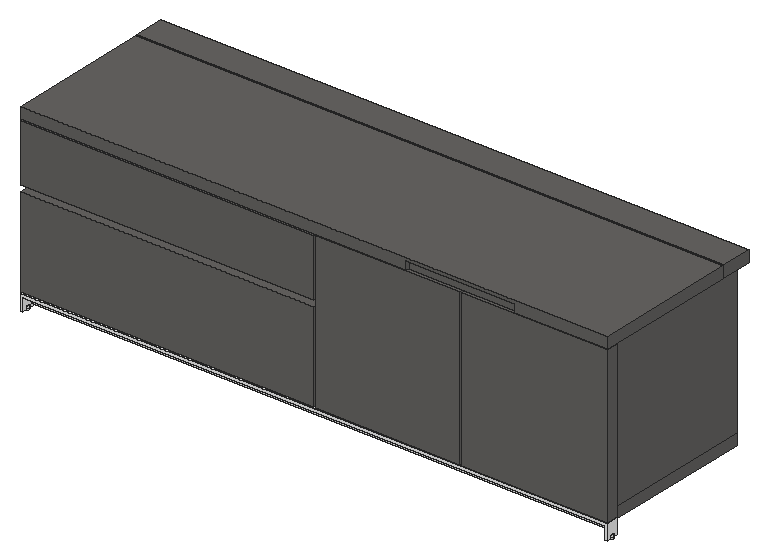
Revit family "Storage-Credenza-Teknion-ZXBF_Low_Box_File-R2011", category Furniture Systems, Revit 2013
Parameters (values of type "(See Type Catalog)")
  Width = 80"
  Warranty = "http://www.teknionstudio.com/pdfs/Teknion%20Studio%20Warranty.pdf"
  Unit Weight = 0.00 lbf
  Unit Finish [instance] = Veneer - Teknion - P7 - Grey Oak
  URL = "www.teknionstudio.com"
  Tabletop Right Length = if(Has Right Door, 40", if(Has Double Right Door, 60", 20"))  # 60"
  Tabletop Left Length = if(Has Left Door, 40", if(Has Double Left Door, 60", 20"))  # 20"
  Tabletop Cutout Offset = if(Has Wire Management, 0", 4")  # 0"
  Single Door Cutout Offset = if(Has Left Door, 0", if(Has Right Door, 0", 4"))  # 4"
  Series = "B&B Italia"
  Right Doors Length = if(Has Right Door, (40" - 1.575"), if(Has Double Right Door, (60" - 1.575"), 18.425"))  # 58.425"
  Product Page URL = "http://www.teknionstudio.com/acexecutive/"
  Product Line = "AC Executive"
  Product Documentation Link = "http://www.teknionstudio.com/pricing/ac_executive_ppg.pdf"
  Part Number = "ZXBF"
  Model = ""
  Manufacturer Phone = "919-464-2920"
  Manufacturer Fax = "919-464-2927"
  Manufacturer Email = "customersupport@teknionstudio.com"
  Manufacturer Address = "3940 US 70 Business HWY West, Clayton, NC 27520"
  Manufacturer = "Teknion Studio"  # constant formula
  Low Emitting Material = yes
  Low Emitting Finish = yes
  Left and Right Reference Planes Offset = if(Has Double Right Door, 0", if(Has Double Left Door, 40", if(Has Right Door, 20", 40")))  # 0"
  Left Doors Length = if(Has Left Door, (40" - 1.575"), if(Has Double Left Door, (60" - 1.575"), 18.425"))  # 18.425"
  Height = 24 123/128"
  Has Left Door = no
  Has Double Left Door = no
  Has Right Door = no
  Has Double Right Door = yes
  Has Wire Management = yes
  Drawers Length = 40"  # constant formula
  Double Door Cutout Offset = if(Has Double Left Door, 0", if(Has Double Right Door, 0", 5"))  # 0"
  Description = ""
  Depth = 24"
  Bottom Rigth Length = if(Has Right Door, 40", if(Has Double Right Door, 60", 20"))  # 60"
  Bottom Left Length = if(Has Left Door, 40", if(Has Double Left Door, 60", 20"))  # 20"
  Assembly Code = "E2020200"
Reference planes (in)
  plane 1 "Center F/B": y = 0
  plane 2: z = 0
  plane 3 "Center L/R": x = 0.5
  plane 4 "Left Aux": x = -17.925
  plane 5 "Right Aux": x = 58.925
  plane 6 "Back": y = 12
  plane 7 "Front": y = -12
  plane 8 "Top": z = 24.96094
  plane 9: x = -16.3502
  plane 10: x = 57.3502
  plane 11: z = 2.1289
  plane 12 "Foot Centerline": y = -11.2126
  plane 13 "Elevation": z = 12.77523
  plane 14: z = 23.42157
  plane 15: x = -19.5
  plane 16: x = 20.5
  plane 17: x = -39.5
  plane 18: x = -59.5
  plane 19: x = 40.5
  plane 20: x = 60.5
  plane 21: x = -19.5
  plane 22: x = 60.5
  plane 23: x = -19.5
  plane 24: x = 60.5
  plane 25: x = -19.5
  plane 26: x = 60.5
  plane 27: y = -16
  plane 28: y = -12
  plane 29: z = 24.96094
  plane 30 "Left": x = -19.5
  plane 31 "Right": x = 60.5
  plane 32: x = 20.5
Forms (in)
  Sweep 1, solid, material "Metal - Teknion - C6 - Chrome"
    path origin (0, -12, 0) x (1, 0, 0) y (0, 0, 1)
      loop
        line (60.5, 0.05803) -> (60.5, 2.1289) -> (-19.5, 2.1289) -> (-19.5, 0.05803)
    profile origin (20.5, -12, 2.1289) x (0, 0, -1) y (0, -1, 0)
      loop
        line (0, 0) -> (0, -1.5748) -> (0.394, -1.5748) -> (0.394, 0) -> (0, 0)
  Sweep 2, solid, material "Metal - Teknion - C6 - Chrome"
    path origin (0, -12, 0) x (1, 0, 0) y (0, 0, 1)
      loop
        line (-19.5, 2.1289) -> (60.5, 2.1289)
    profile origin (20.5, -12, 2.1289) x (0, 0, 1) y (0, -1, 0)
      loop
        line (-0.394, -1.5748) -> (-0.394, -1.3778) -> (-1.575, -1.3778) -> (-1.575, -1.5748) -> (-0.394, -1.5748)
  Revolve 3, solid, material "Metal - Teknion - C6 - Chrome"
    sketch origin (0, -11.2126, 0) x (0, 0, -1) y (1, 0, 0)
      loop
        line (-0.4911, 59.9685) -> (-0.45173, 59.92913) -> (-0.28492, 59.92913) -> (-0.24555, 59.9685) -> (-0.20618, 59.92913) -> (-0.03937, 59.92913) -> (0, 59.9685) -> (0, 60.30315) -> (-0.4911, 60.30315) -> (-0.4911, 59.9685)
      axis (0, 60.30315) -> (-0.4911, 60.30315)
    angle from 0 to 360
  Revolve 4, solid, material "Metal - Teknion - C6 - Chrome"
    sketch origin (0, -11.2126, 0) x (0, 0, -1) y (1, 0, 0)
      loop
        line (0, -19.6378) -> (0, -19.30315) -> (-0.4911, -19.30315) -> (-0.4911, -19.6378) -> (-0.45173, -19.67717) -> (-0.28492, -19.67717) -> (-0.24555, -19.6378) -> (-0.20618, -19.67717) -> (-0.03937, -19.67717) -> (0, -19.6378)
      axis (0, -19.30315) -> (-0.4911, -19.30315)
    angle from 0 to 360
  Sweep 5, solid, material "Veneer - Teknion - P7 - Grey Oak" <- "Unit Finish"
    path origin (0, 0, 15.40683) x (-1, 0, 0) y (0, -1, 0)
      loop
        line (-0.5, -12) -> (-0.5, 12)
    profile origin (0.5, 0, 15.40683) x (1, 0, 0) y (0, 0, 1)
      loop
        line (-20, 9.55411) -> (-20, 8.01474) -> (60, 8.01474) -> (60, 9.55411) -> (-20, 9.55411)
  Sweep 6, solid, material "Veneer - Teknion - P7 - Grey Oak" <- "Unit Finish"
    path origin (0, -12, 0) x (1, 0, 0) y (0, 0, 1)
      loop
        line (-17.925, 2.1289) -> (58.925, 2.1289)
    profile origin (20.5, -12, 2.1289) x (0, 0, 1) y (0, -1, 0)
      loop
        line (0, -1.5748) -> (-1.53937, -1.5748) -> (-1.53937, -24) -> (0, -24) -> (0, -1.5748)
  Sweep 7, solid, material "Veneer - Teknion - P7 - Grey Oak" <- "Unit Finish"
    path origin (0, 0, 15.40683) x (-1, 0, 0) y (0, -1, 0)
      loop
        line (17.925, 0) -> (-58.925, 0)
    profile origin (20.5, 0, 15.40683) x (0, 1, 0) y (0, 0, 1)
      loop
        line (7.61024, 7.62063) -> (7.61024, 8.01474) -> (-10.32283, 8.01474) -> (-10.32283, -13.27793) -> (12, -13.27793) -> (12, 7.62063) -> (7.61024, 7.62063)
  Sweep 8, solid, material "Veneer - Teknion - P7 - Grey Oak" <- "Unit Finish"
    path origin (0, -12, 0) x (1, 0, 0) y (0, 0, 1)
      loop
        line (-19.5, 12.77523) -> (20.5, 12.77523)
    profile origin (0.5, -12, 12.77523) x (0, 0, 1) y (0, -1, 0)
      loop
        line (10.39633, -1.5394) -> (10.39633, 0) -> (2.59883, 0) -> (2.59883, -1.5394) -> (10.39633, -1.5394)
      loop
        line (1.81143, 0) -> (-10.39633, 0) -> (-10.39633, -1.5394) -> (1.81143, -1.5394) -> (1.81143, 0)
  Sweep 9, solid, material "Veneer - Teknion - P7 - Grey Oak" <- "Unit Finish", visible <- "Has Left Door"
    path origin (0, -12, 0) x (1, 0, 0) y (0, 0, 1)
      loop
        line (0.5, 23.17157) -> (0.5, 2.3789)
    profile origin (0.5, -12, 12.77523) x (0, -1, 0) y (1, 0, 0)
      loop
        line (-1.5394, -20.25) -> (-1.5394, -40) -> (0, -40) -> (0, -20.25) -> (-1.5394, -20.25)
  Sweep 10, solid, material "Veneer - Teknion - P7 - Grey Oak" <- "Unit Finish", visible <- "Has Right Door"
    path origin (0, -12, 0) x (-1, 0, 0) y (0, 0, 1)
      loop
        line (-0.5, 23.29657) -> (-0.5, 2.2539)
    profile origin (0.5, -12, 12.77523) x (0, -1, 0) y (1, 0, 0)
      loop
        line (-1.5394, 20.25) -> (0, 20.25) -> (0, 40) -> (-1.5394, 40) -> (-1.5394, 20.25)
  Sweep 11, solid, material "Veneer - Teknion - P7 - Grey Oak" <- "Unit Finish", visible <- "Has Double Left Door"
    path origin (-80, -12, 0) x (-1, 0, 0) y (0, 0, 1)
      loop
        line (-80.5, 23.17157) -> (-80.5, 2.3789)
    profile origin (0.5, -12, 12.77523) x (0, -1, 0) y (1, 0, 0)
      loop
        line (-1.5394, -20.25) -> (-1.5394, -39.875) -> (0, -39.875) -> (0, -20.25) -> (-1.5394, -20.25)
      loop
        line (-1.5394, -60) -> (0, -60) -> (0, -40.125) -> (-1.5394, -40.125) -> (-1.5394, -60)
  Sweep 12, solid, material "Veneer - Teknion - P7 - Grey Oak" <- "Unit Finish", visible <- "Has Double Right Door"
    path origin (80, -12, 0) x (1, 0, 0) y (0, 0, 1)
      loop
        line (-79.5, 23.29657) -> (-79.5, 2.2539)
    profile origin (0.5, -12, 12.77523) x (0, -1, 0) y (1, 0, 0)
      loop
        line (-1.5394, 20.25) -> (0, 20.25) -> (0, 39.875) -> (-1.5394, 39.875) -> (-1.5394, 20.25)
      loop
        line (-1.5394, 60) -> (-1.5394, 40.125) -> (0, 40.125) -> (0, 60) -> (-1.5394, 60)
  Sweep 13, void
    path origin (0.5, 0, 0) x (0, 1, 0) y (0, 0, 1)
      loop
        line (-16, 23.42157) -> (-15.5276, 23.42157)
    profile origin (0.5, -15.7638, 23.42157) x (0, 0, 1) y (1, 0, 0)
      loop
        line (0, -27.556) -> (1.1, -27.556) -> (1.1, -20.118) -> (0, -20.118) -> (0, -27.556)
      loop
        line (0, 27.556) -> (0, 20.118) -> (1.1, 20.118) -> (1.1, 27.556) -> (0, 27.556)
  Sweep 14, void
    path origin (0.5, -9, 0) x (0, 1, 0) y (0, 0, 1)
      loop
        line (-3, 23.42157) -> (-2.5276, 23.42157)
    profile origin (0.5, -11.7638, 23.42157) x (0, 0, 1) y (1, 0, 0)
      loop
        line (0, -47.438) -> (1.1, -47.438) -> (1.1, -32.562) -> (0, -32.562) -> (0, -47.438)
      loop
        line (0, 47.438) -> (0, 32.562) -> (1.1, 32.562) -> (1.1, 47.438) -> (0, 47.438)
  Sweep 15, void
    path origin (0, 12, 0) x (-1, 0, 0) y (0, 0, 1)
      loop
        line (59.5, 24.96094) -> (-60.5, 24.96094)
    profile origin (0.5, 12, 24.96094) x (0, 0, -1) y (0, 1, 0)
      loop
        line (1.53937, -4.38976) -> (1.53937, -4.13976) -> (0, -4.13976) -> (0, -4.38976) -> (1.53937, -4.38976)
Cuts and joins
  joined: Sweep 1, Sweep 2, Revolve 3, Revolve 4
  Sweep 13, Sweep 14, Sweep 15 cuts Sweep 5
Lines and regions (in)
  Masking region 1
    outline origin (0, 0, 24.96094) x (-1, 0, 0) y (0, -1, 0)
      loop
        line (19.5, -12) -> (19.5, 12) -> (-60.5, 12) -> (-60.5, -12) -> (19.5, -12)
  symbolic lines, visible <- "Has Wire Management", detail levels medium+fine
    curve 1: line (-19.5, 7.61024, 15.40683) -> (60.5, 7.61024, 15.40683)
  symbolic lines, style "Elevation Swing", visible <- "Has Right Door"
    curve 2: line (20.75, -12, 23.34157) -> (40.5, -12, 12.77523)
    curve 3: line (40.5, -12, 12.77523) -> (20.618, -12, 2.2539)
  symbolic lines, style "Elevation Swing", visible <- "Has Double Right Door"
    curve 4: line (40.375, -12, 23.37993) -> (20.75, -12, 12.77523)
    curve 5: line (40.49982, -12, 2.17053) -> (20.75, -12, 12.77523)
  symbolic lines, style "FurnitureSystemsHiddenLines", visible <- "Has Double Right Door"
    curve 6: line (40.49982, -12, 2.17053) -> (60.5, -12, 12.77523)
    curve 7: line (40.375, -12, 23.37993) -> (60.5, -12, 12.77523)
  symbolic lines, style "FurnitureSystems", visible <- "Has Left Door"
    curve 8: line (-39.5, -12, 15.40683) -> (-39.5, -32, 15.40683)
  symbolic lines, visible <- "Has Left Door"
    curve 9: arc (-39.5, -32, 15.40683) -> (-25.35786, -26.14214, 15.40683) -> (-19.5, -12, 15.40683) r 20
    curve 20: line (-19.75, -12, 23.17157) -> (-39.5, -12, 12.77523)
    curve 21: line (-39.5, -12, 12.77523) -> (-19.75, -12, 2.3789)
  symbolic lines, visible <- "Has Double Left Door"
    curve 10: line (-19.5, -12, 15.40683) -> (-19.5, -32, 15.40683)
    curve 11: arc (-19.5, -32, 15.40683) -> (-33.64214, -26.14214, 15.40683) -> (-39.5, -12, 15.40683) r 20
    curve 12: line (-59.5, -12, 15.40683) -> (-59.5, -32, 15.40683)
    curve 13: arc (-59.5, -32, 15.40683) -> (-45.35786, -26.14214, 15.40683) -> (-39.5, -12, 15.40683) r 20
  symbolic lines, style "FurnitureSystems", visible <- "Has Right Door"
    curve 14: line (40.5, -12, 15.40683) -> (40.5, -32, 15.40683)
  symbolic lines, visible <- "Has Right Door"
    curve 15: arc (40.5, -32, 15.40683) -> (26.35786, -26.14214, 15.40683) -> (20.5, -12, 15.40683) r 20
  symbolic lines, visible <- "Has Double Right Door"
    curve 16: line (20.5, -12, 15.40683) -> (20.5, -32, 15.40683)
    curve 17: arc (20.5, -32, 15.40683) -> (34.64214, -26.14214, 15.40683) -> (40.5, -12, 15.40683) r 20
    curve 18: line (60.5, -12, 15.40683) -> (60.5, -32, 15.40683)
    curve 19: arc (60.5, -32, 15.40683) -> (46.35786, -26.14214, 15.40683) -> (40.5, -12, 15.40683) r 20
  symbolic lines, style "Elevation Swing", visible <- "Has Double Left Door"
    curve 22: line (-39.625, -12, 23.17157) -> (-59.5, -12, 12.77523)
    curve 23: line (-59.5, -12, 12.77523) -> (-39.625, -12, 2.3789)
    curve 24: line (-39.375, -12, 23.17157) -> (-19.75, -12, 12.77523)
    curve 25: line (-19.75, -12, 12.77523) -> (-39.375, -12, 2.3789)
Dimensions and locks (in)
  equal spacing: plane 6 "Back", plane 1 "Center F/B", plane 7 "Front"
  "Depth": plane 6 "Back" to plane 7 "Front"
  locked: plane 4 "Left Aux" to plane 9 at 1.5748
  locked: plane 10 to plane 5 "Right Aux" at 1.5748
  "Height": plane 8 "Top" to plane 2
  locked: Sweep 1 sketch curve to level at 0.05803  (x2)
  locked: plane 7 "Front" to Sweep 1 sketch curve at 1.5748
  locked: plane 11 to plane 2 at 2.1289
  locked: plane 11 to Sweep 1 sketch curve at 0.394
  plane 11 to Sweep 2 sketch curve to Sweep 2 sketch curve = 0.394" locked, 1.181" locked
  plane 7 "Front" to Sweep 2 sketch curve to Sweep 2 sketch curve = 1.3778" locked, 0.197" locked
  locked: plane 8 "Top" to Sweep 5 sketch curve at 1.53937
  locked: plane 11 to Sweep 6 sketch curve at 1.53937
  locked: plane 7 "Front" to Sweep 6 sketch curve at 1.5748
  locked: plane 8 "Top" to Sweep 7 sketch curve at 1.53937
  locked: plane 8 "Top" to Sweep 7 sketch curve at 1.93347
  locked: Sweep 7 sketch curve to plane 7 "Front" at 1.67717
  locked: plane 8 "Top" to plane 14 at 1.53937
  equal spacing: plane 14, plane 13 "Elevation", plane 11
  locked: Sweep 8 sketch curve to plane 14 at 0.25
  locked: Sweep 8 sketch curve to plane 7 "Front" at 1.5394  (x2)
  locked: plane 11 to Sweep 8 sketch curve at 0.25
  equal spacing: plane 15, plane 3 "Center L/R", plane 16
  "Drawers Length": plane 15 to plane 16
  "Left Doors Length": plane 4 "Left Aux" to plane 3 "Center L/R"
  "Right Doors Length": plane 3 "Center L/R" to plane 5 "Right Aux"
  equal spacing: plane 18, plane 17, plane 15
  locked: plane 17 to plane 15 at 20
  locked: plane 17 to Sweep 9 sketch curve at 0
  locked: Sweep 9 sketch curve to plane 15 at 0.25
  locked: Sweep 9 sketch curve to plane 7 "Front" at 1.5394
  locked: plane 14 to Sweep 11 sketch curve at 0.25
  locked: Sweep 11 sketch curve to plane 11 at 0.25
  locked: Sweep 11 sketch curve to plane 15 at 0.25
  locked: plane 7 "Front" to Sweep 11 sketch curve at 1.5394
  locked: Sweep 11 sketch curve to plane 7 "Front" at 1.5394
  locked: Sweep 9 sketch curve to plane 11 at 0.25
  locked: plane 14 to Sweep 9 sketch curve at 0.25
  equal spacing: plane 16, plane 19, plane 20
  plane 16 to plane 19 = 20"
  locked: plane 14 to Sweep 10 sketch curve at 0.125
  locked: Sweep 10 sketch curve to plane 11 at 0.125
  locked: Sweep 10 sketch curve to plane 19
  locked: plane 16 to Sweep 10 sketch curve at 0.25
  locked: plane 7 "Front" to Sweep 10 sketch curve at 1.5394
  locked: plane 14 to Sweep 12 sketch curve at 0.125
  locked: Sweep 12 sketch curve to plane 11 at 0.125
  locked: plane 16 to Sweep 12 sketch curve at 0.25
  locked: plane 7 "Front" to Sweep 12 sketch curve at 1.5394
  locked: Sweep 12 sketch curve to plane 7 "Front" at 1.5394
  "Tabletop Left Length": plane 3 "Center L/R" to plane 21
  "Tabletop Right Length": plane 22 to plane 3 "Center L/R"
  "Bottom Left Length": plane 3 "Center L/R" to plane 23
  "Bottom Rigth Length": plane 3 "Center L/R" to plane 24
  "Bottom Left Length": plane 3 "Center L/R" to plane 25
  "Bottom Rigth Length": plane 26 to plane 3 "Center L/R"
  locked: plane 7 "Front" to plane 12 "Foot Centerline" at 0.7874
  locked: plane 4 "Left Aux" to Revolve 4 sketch curve at 1.37815
  locked: Revolve 4 sketch curve to Revolve 4 sketch curve at 0.37402
  Revolve 4 sketch curve to Revolve 4 sketch curve to Revolve 4 sketch curve to plane 2 = 0.07874" locked, 0.16681" locked, 0.03937" locked
  Revolve 4 sketch curve to Revolve 4 sketch curve to Revolve 4 sketch curve to Revolve 4 sketch curve = 0.03937" locked, 0.16681" locked, 0.03937" locked
  locked: Revolve 3 sketch curve to plane 5 "Right Aux" at 1.37815
  locked: Revolve 3 sketch curve to Revolve 3 sketch curve at 0.37402
  Revolve 3 sketch curve to Revolve 3 sketch curve to Revolve 3 sketch curve to Revolve 3 sketch curve to plane 2 = 0.03937" locked, 0.16681" locked, 0.07874" locked, 0.20618" locked
  "Single Door Cutout Offset": plane 7 "Front" to plane 27
  locked: Sweep 13 sketch curve to plane 27 at 0.4724
  locked: Sweep 13 sketch curve to plane 14 at 1.1  (x2)
  Sweep 13 sketch curve to Sweep 13 sketch curve to plane 15 = 7.438" locked, 0.118" locked
  plane 16 to Sweep 13 sketch curve to Sweep 13 sketch curve = 0.118" locked, 7.438" locked
  locked: Sweep 14 sketch curve to plane 28 at 0.4724
  Sweep 14 sketch curve to plane 17 to Sweep 14 sketch curve = 7.438" locked, 7.438" locked
  locked: Sweep 14 sketch curve to plane 14 at 1.1  (x2)
  Sweep 14 sketch curve to plane 19 to Sweep 14 sketch curve = 7.438" locked, 7.438" locked
  "Double Door Cutout Offset": plane 7 "Front" to plane 28
  "Tabletop Cutout Offset": plane 29 to plane 8 "Top"
  locked: Sweep 15 sketch curve to Sweep 15 sketch curve at 0.25
  locked: plane 29 to Sweep 15 sketch curve at 1.53937
  locked: plane 6 "Back" to Sweep 15 sketch curve at 4.13976
  equal spacing: plane 30 "Left", plane 32, plane 31 "Right"
  "Width": plane 30 "Left" to plane 31 "Right"
  "Left and Right Reference Planes Offset": plane 31 "Right" to plane 20
  locked: Sweep 8 sketch curve to Sweep 8 sketch curve at 0.7874
  locked: Sweep 8 sketch curve to Sweep 8 sketch curve at 7.7975
  Sweep 8 sketch curve to Sweep 8 sketch curve = 12.20777"
  Sweep 11 sketch curve to plane 17 to Sweep 11 sketch curve = 1/8" locked, 1/8" locked
  Sweep 12 sketch curve to plane 19 to Sweep 12 sketch curve = 1/8" locked, 1/8" locked
  aligned and locked: level to plane 2
  aligned and locked: Sweep 1 sketch curve to plane 7 "Front"
  aligned and locked: plane 11 to Sweep 1 sketch curve
  aligned and locked: Sweep 1 sketch curve to plane 11
  aligned and locked: Sweep 2 sketch curve to plane 11
  aligned and locked: plane 6 "Back" to Sweep 5 sketch curve
  aligned and locked: plane 7 "Front" to Sweep 5 sketch curve
  aligned and locked: Sweep 5 sketch curve to plane 3 "Center L/R"
  aligned and locked: Sweep 5 sketch curve to plane 8 "Top"
  aligned and locked: Sweep 6 sketch curve to plane 11  (x2)
  aligned and locked: Sweep 6 sketch curve to plane 6 "Back"
  aligned and locked: plane 1 "Center F/B" to Sweep 7 sketch curve
  aligned and locked: plane 6 "Back" to Sweep 7 sketch curve
  aligned and locked: plane 11 to Sweep 7 sketch curve
  aligned and locked: Sweep 8 sketch curve to plane 13 "Elevation"
  aligned and locked: plane 7 "Front" to Sweep 8 sketch curve
  aligned and locked: Sweep 8 sketch curve to profile plane
  aligned and locked: plane 15 to Sweep 8 sketch curve
  aligned and locked: plane 16 to Sweep 8 sketch curve
  aligned and locked: plane 4 "Left Aux" to Sweep 7 sketch curve
  aligned and locked: plane 5 "Right Aux" to Sweep 7 sketch curve
  aligned and locked: Sweep 9 sketch curve to plane 3 "Center L/R"
  aligned and locked: plane 7 "Front" to Sweep 9 sketch curve
  aligned and locked: Sweep 11 sketch curve to plane 3 "Center L/R"
  aligned and locked: Sweep 11 sketch curve to plane 7 "Front"
  aligned and locked: plane 7 "Front" to Sweep 11 sketch curve
  aligned and locked: plane 18 to Sweep 11 sketch curve
  aligned and locked: Sweep 10 sketch curve to plane 3 "Center L/R"
  aligned and locked: Sweep 10 sketch curve to plane 7 "Front"
  aligned and locked: Sweep 12 sketch curve to plane 3 "Center L/R"
  aligned and locked: Sweep 12 sketch curve to plane 7 "Front"
  aligned and locked: Sweep 12 sketch curve to plane 20
  aligned and locked: plane 7 "Front" to Sweep 12 sketch curve
  aligned and locked: plane 21 to Sweep 5 sketch curve
  aligned and locked: Sweep 5 sketch curve to plane 22
  aligned and locked: plane 4 "Left Aux" to Sweep 6 sketch curve
  aligned and locked: plane 5 "Right Aux" to Sweep 6 sketch curve
  aligned and locked: Sweep 1 sketch curve to plane 23
  aligned and locked: plane 24 to Sweep 1 sketch curve
  aligned and locked: plane 25 to Sweep 2 sketch curve
  aligned and locked: plane 26 to Sweep 2 sketch curve
  aligned and locked: Revolve 3 sketch curve to Revolve 3 sketch curve  (x2)
  aligned and locked: Revolve 3 sketch curve to plane 2
  aligned and locked: Revolve 4 sketch curve to Revolve 4 sketch curve  (x2)
  aligned and locked: Revolve 4 sketch curve to plane 2
  aligned and locked: plane 27 to Sweep 13 sketch curve
  aligned and locked: plane 14 to Sweep 13 sketch curve  (x2)
  aligned and locked: Sweep 13 sketch curve to plane 14
  aligned and locked: plane 14 to Sweep 14 sketch curve  (x2)
  aligned and locked: Sweep 14 sketch curve to plane 14
  aligned and locked: plane 28 to Sweep 14
  aligned and locked: plane 28 to Sweep 14 sketch curve
  aligned and locked: Sweep 15 sketch curve to plane 29  (x2)
  aligned and locked: plane 18 to Sweep 15 sketch curve
  aligned and locked: plane 20 to Sweep 15 sketch curve
  aligned and locked: Masking region 1 sketch curve to plane 6 "Back"
  aligned and locked: cut or joined group of Sweep 5, Sweep 13, Sweep 14, Sweep 15 to curve 1
  aligned and locked: Masking region 1 sketch curve to cut or joined group of Sweep 5, Sweep 13, Sweep 14, Sweep 15  (x2)
  aligned and locked: Masking region 1 sketch curve to plane 7 "Front"
  aligned and locked: Masking region 1 to curve 1  (x2)
  aligned and locked: curve 2 to Sweep 10
  aligned and locked: Sweep 10 to curve 3
  aligned and locked: plane 13 "Elevation" to curve 3
  aligned and locked: curve 3 to Sweep 10
  aligned and locked: Sweep 12 to curve 5
  aligned and locked: plane 13 "Elevation" to curve 5
  aligned and locked: Sweep 12 to curve 4
  aligned and locked: Sweep 12 to curve 6
  aligned and locked: curve 8 to plane 17
  aligned and locked: plane 17 to curve 9
  aligned and locked: curve 12 to plane 18
  aligned and locked: curve 10 to plane 15
  aligned and locked: curve 11 to plane 15
  aligned and locked: plane 7 "Front" to curve 9
  aligned and locked: plane 7 "Front" to curve 8
  aligned and locked: plane 7 "Front" to curve 13
  aligned and locked: plane 7 "Front" to curve 11
  aligned and locked: plane 19 to curve 14
  aligned and locked: plane 7 "Front" to curve 15
  aligned and locked: plane 7 "Front" to curve 14
  aligned and locked: plane 20 to curve 18
  aligned and locked: plane 16 to curve 16
  aligned and locked: plane 7 "Front" to curve 18
  aligned and locked: plane 7 "Front" to curve 19
  aligned and locked: plane 7 "Front" to curve 16
  aligned and locked: plane 19 to curve 19
  aligned and locked: plane 7 "Front" to curve 17
  aligned and locked: plane 19 to curve 17
  aligned and locked: curve 21 to Sweep 9
  aligned and locked: plane 13 "Elevation" to curve 21
  aligned and locked: Sweep 9 to curve 20  (x2)
  aligned and locked: Sweep 11 to curve 22
  aligned and locked: plane 13 "Elevation" to curve 23
  aligned and locked: curve 23 to Sweep 11
  aligned and locked: Sweep 11 to curve 25
  aligned and locked: plane 13 "Elevation" to curve 25
  aligned and locked: curve 24 to Sweep 11
Automatic sketch dimensions
  Revolve 3 sketch curve to Revolve 3 sketch curve = 0.15736"
  Revolve 3 sketch curve to Revolve 3 sketch curve = 0.03937"  (x3)
  level to Revolve 3 sketch curve = 0.03937"
  Revolve 3 sketch curve to level = 0.10154"
  Revolve 4 sketch curve to Revolve 4 sketch curve = 0.2589"
  Revolve 4 sketch curve to level = 0.42419"
  Revolve 4 sketch curve to Revolve 4 sketch curve = 0.03937"  (x2)
  Sweep 7 sketch curve to Sweep 7 sketch curve = 4.38976"
  curve 15 to plane 16 = 0"
  plane 7 "Front" to curve 10 = 0"
  plane 7 "Front" to curve 12 = 0"
  curve 22 to plane 18 = 0"
  curve 21 to plane 17 = 0"
  curve 6 to plane 13 "Elevation" = 0"
  curve 25 to plane 15 = 1/4"
  curve 3 to plane 16 = 0.118"
  plane 19 to curve 5 = 0.00018"
  plane 11 to curve 5 = 0.04164"
  plane 11 to curve 23 = 1/4"
  plane 11 to curve 21 = 1/4"
  plane 11 to curve 25 = 1/4"
  curve 22 to plane 14 = 1/4"
  curve 24 to curve 22 = 0"
  curve 2 to plane 14 = 0.08"
  curve 4 to plane 14 = 0.04164"
